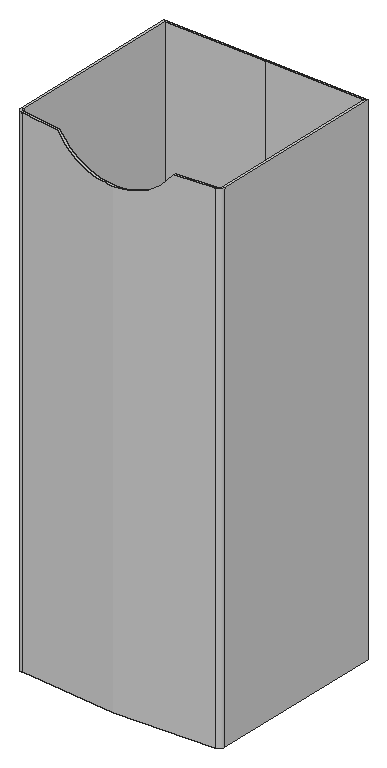
Revit family "RST-line Toilet Brush Holder_", category Casework, Revit 2012
Parameters (values of type "1309")
  URL = "www.korpinen.com"
  Type = Toilet Brush Holder : 1309
  Model = "1309 RST-line Toilet Brush Holder"
  Manufacturer = "Korpinen Oy"
  Depth = 0 mm
  Height = 300 mm
  Width = 0 mm
Reference planes
  plane 1 "Back": y = 0
  plane 2: z = 0
  plane 3 "Center (Left/Right)": x = 44.7
Dimensions and locks
  aligned and locked: level to plane 2
Nested families
  nested 1: "Toilet Brush Holder" at (44.7, 1, 300), built-in parameter 1001364 <- "Height", type <- "Type", type "1309"
Definition of nested family "Toilet Brush Holder"
  Parameters (values of type "1309")
    Model = "1309 RST-line Toilet brush holder"
    Material = Stainless Steel Brushed
  Reference planes
    plane 1 "Center (Front/Back)": y = 0
    plane 2: z = 0
    plane 3 "Center (Left/Right)": x = 0
  Forms (mm)
    Extrusion 1, solid, material "Stainless Steel Brushed" <- "Material"
      sketch origin (0, 0, -300) x (1, 0, 0) y (0, 1, 0)
        loop
          line (0, 0) -> (-52.5, 0) -> (-52.5, -91.991)
          arc (-52.5, -91.991) -> (-51.619, -94.119) -> (-49.491, -95) r 3.009
          arc (-49.491, -95) -> (0.011, -98) -> (49.514, -95) r 409.91
          arc (49.514, -95) -> (51.625, -94.125) -> (52.5, -92.014) r 2.986
          line (52.5, -92.014) -> (52.5, 0) -> (0, 0)
        loop
          line (-51.5, -1) -> (-51.5, -91.991)
          arc (-51.5, -91.991) -> (-50.892, -93.431) -> (-49.436, -93.999) r 2.009
          arc (-49.436, -93.999) -> (0.011, -97) -> (49.459, -93.999) r 408.91
          arc (49.459, -93.999) -> (50.899, -93.437) -> (51.5, -92.014) r 1.986
          line (51.5, -92.014) -> (51.5, -1) -> (0, -1) -> (-51.5, -1)
      from 300 to 558.5
    Extrusion 2, void
      sketch origin (0, 0, -300) x (1, 0, 0) y (0, 0, 1)
        loop
          line (0, 558.5) -> (-30, 558.5)
          arc (-30, 558.5) -> (0, 543.055) -> (30, 558.5) r 36.858
          line (30, 558.5) -> (0, 558.5)
      from 94.63 to 100.846
    Extrusion 3, solid
      sketch origin (0, 0, -300) x (1, 0, 0) y (0, 1, 0)
        loop
          line (-51.5, -1) -> (-51.5, -76) -> (-44.429, -83.071) -> (44.429, -83.071) -> (51.5, -76) -> (51.5, -1) -> (-51.5, -1)
      from 314.64 to 316.292
    Extrusion 4, void
      sketch origin (0, 0, -300) x (1, 0, 0) y (0, 0, 1)
        loop
          line (-42.5, 300) -> (42.5, 300) -> (42.5, 314.64) -> (-42.5, 314.64) -> (-42.5, 300)
      from 0 to 2.853
  Cuts and joins
    Extrusion 2, Extrusion 4 cuts Extrusion 1
    Extrusion 4 cuts Extrusion 3
  Dimensions and locks
    Extrusion 3 to Extrusion 3 = 1.652 mm
    Extrusion 3 to cut or joined group of Extrusion 1, Extrusion 2, Extrusion 4 = 14.64 mm
    aligned and locked: level to plane 2
    aligned and locked: Extrusion 4 to plane 1 "Center (Front/Back)"
